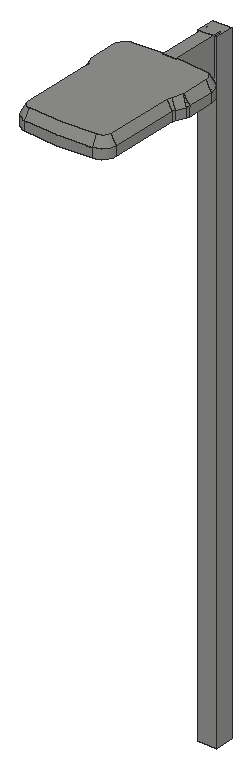
Revit family "VP-4-ADU", category Lighting Fixtures, host Face, Revit 2019
Family settings
  Host = Face
  Round Connector Dimension = Use Diameter
  Part Type = Normal
  OmniClass Number = 23.80.70.11.14.17
  OmniClass Title = Direct/Indirect
  Cut with Voids When Loaded = No
  Light Source = No
  Shared = Yes
  Room Calculation Point = No
Parameters (values of type "VP-4-ADU")
  Wattage Comments = "600 W"
  Warranty = "Five year warranty"  # constant formula
  Voltage = 120 V
  URL = "https://www.currentlighting.com/beacon"
  Type Comments = "Lighting Fixture"  # constant formula
  Product Page URL = "https://www.currentlighting.com/outdoor-lighting/viper-area-size-4/9606406"
  Product Documentation Link = "https://cdn.currentlighting.com/site/specsheet/BEA_VIPERSPEC.pdf"
  Power Factor = 0.9
  Pole Height [instance] = 120.00"
  Name = "Viper Area Size 4"  # constant formula
  Model = "VP-4-ADU"
  Matt Grey = MATT GREY
  Matt Black = Matt Black
  Manufacturer = "Current Lighting"  # constant formula
  Load Classification = Lighting
  Light Output = 87468.00 cd/m²
  Lamp = "LED"  # constant formula
  Grey = Grey
  Glass = Glass
  Pole Size [instance] = 3.50"
  Features = "Featuring two different optical technologies, Micro Strike and Strike Optics, which provide the best distribution patterns for retrofit or new construction\r\nVibration rated for high vibration applications including bridges and overpasses\r\nControl options including photo control, occupancy sensing, NX Lighting Controls, wiSCAPE and 7-Pin with networked controls\r\nMounting options include: Arm, Universal Arm, Adjustable Arm, Mast Arm, Decorative Arm, Knuckle, Trunnion, Wall\r\nDistribution options include: Auto Front Row, Type 2, Type 3, Type 4 Forward, Type 4 Wide, Type 5 Narrow, Type 5 Medium, Type 5 Wide, Type 5 Rectangular, Corner Optic, and Tennis Court\r\n\r\n"  # constant formula
  Copyright = "© 2022 Current Lighting"  # constant formula
  Cool Grey = Cool Grey
  Contact Us = "https://www.currentlighting.com/contact-us"
  Certification = "UL"  # constant formula
  Description = "The Viper is an extremely versatile area/site luminaire which blends design, performance, and technology for a variety of applications."  # constant formula
  Default Elevation = 48.00"
  Finish = Arctic White
  Matt White = Matt White
  CRI = "70"  # constant formula
  Brand = "Beacon"  # constant formula
  Assembly Code = "D5020200"
  Apparent Load = 600 VA
Reference planes (in)
  plane 1 "Center (Front/Back)": y = 6.16697
  plane 2: z = 0
  plane 3 "Center (Left/Right)": x = 0
  plane 4: z = 3.75
  plane 5: z = -4.44
  plane 6: x = -1.75
  plane 7: x = 1.75
  plane 8: y = 4.41697
  plane 9: y = 7.91697
  plane 10: z = 120
Forms (in)
  Extrusion 1, solid, material "Cool Grey" <- "Cool Grey"
    sketch origin (0, 0, 0) x (1, 0, 0) y (0, 1, 0)
      loop
        line (-1.75, 7.91697) -> (-1.75, 4.41697) -> (1.75, 4.41697) -> (1.75, 7.91697) -> (-1.75, 7.91697)
    from 0 to 120
Lines and regions (in)
  reference lines
    curve 1: line (0, 14.42606, -3.25) -> (0, 17.42606, -0.25)
    curve 2: line (0, -2.09213, -3.25) -> (0, 14.42606, -3.25)
    curve 3: line (0, -5.09213, -0.25) -> (0, -2.09213, -3.25)
    curve 4: line (0, 14.42606, -3.25) -> (0, 17.42606, -0.25)
    curve 5: line (0, -5.09213, -0.25) -> (0, 17.42606, -0.25)
    curve 6: line (0, 17.17606, -0.77432) -> (0, 17.92606, -0.77432)
    curve 7: line (0, 17.17606, -1.52432) -> (0, 17.17606, -0.77432)
    curve 8: line (0, 16.69614, -1.52432) -> (0, 17.17606, -1.52432)
    curve 9: line (0, 14.92606, -4.25) -> (0, 16.69614, -1.52432)
    curve 10: line (0, -4.3622, -1.52432) -> (0, -2.59213, -4.25)
    curve 11: line (0, -4.84213, -1.52432) -> (0, -4.3622, -1.52432)
    curve 12: line (0, -4.84213, -0.77432) -> (0, -4.84213, -1.52432)
    curve 13: line (0, -5.59213, -0.77432) -> (0, -4.84213, -0.77432)
Dimensions and locks (in)
  plane 4 to plane 2 = 3.75"
  "Pole Size": plane 8 to plane 9
  equal spacing: plane 8, plane 1 "Center (Front/Back)", plane 9
  equal spacing: plane 6, plane 3 "Center (Left/Right)", plane 7
  "Pole Size": plane 6 to plane 7
  "Pole Height": plane 10 to plane 2
  aligned and locked: plane 2 to host face
  aligned and locked: level to host face
  aligned and locked: plane 10 to Extrusion 1
  aligned and locked: plane 3 "Center (Left/Right)" to nested 1
  aligned and locked: plane 9 to Extrusion 1 sketch curve
  aligned and locked: plane 6 to Extrusion 1 sketch curve
  aligned and locked: Extrusion 1 sketch curve to plane 8
  aligned and locked: Extrusion 1 sketch curve to plane 7
  aligned and locked: nested 1 to plane 10
Automatic sketch dimensions
  host sketch curve to host sketch curve = 96.00"
  host sketch curve to host sketch curve = 85.00"
  curve 3 to level = 0.25"
  plane 8 to curve 3 = 9.50909"
  curve 3 to curve 12 = 0.25"
  curve 11 to curve 11 = 0.47992"
  curve 2 to plane 5 = 1.19"
  curve 10 to curve 2 = 2.27008"
  curve 1 to plane 9 = 6.50909"
  curve 9 to level = 1.52432"
  curve 1 to curve 9 = 2.27008"
  curve 8 to curve 8 = 0.47992"
  curve 6 to curve 4 = 0.25"
  curve 10 to curve 3 = 1.27432"
  curve 7 to curve 1 = 0.52432"
  curve 12 to curve 3 = 0.52432"
  curve 13 to curve 3 = 0.50"
  curve 10 to plane 5 = 0.19"
  curve 10 to curve 2 = 0.50"
  curve 9 to plane 5 = 0.19"
  curve 1 to curve 9 = 0.50"
  curve 1 to curve 6 = 0.50"
Nested families (in)
  nested 1: "SIZE4-ADU" at (0, 4.41697, 118.26) x (1, 0, 0) z (0, -1, 0), type "SIZE4-ADU"
Connectors (in)
  electrical at (0, 6.16697, 0), driven by "Power Factor", driven by "Apparent Load", driven by "Voltage"
    settings: on Extrusion 1, index 1, voltage 120 V, apparent load 600 VA, apparent load phase1 0 VA, apparent load phase2 0 VA, apparent load phase3 0 VA, power factor 0.9, load classification "Other", number of poles 1, system type 30, power factor state 1, is connector primary yes, connector utility no, sub classification motor no, connector description "Light Fixture"
Definition of nested family "SIZE4-ADU"
  Parameters (values of type "SIZE4-ADU")
    Width = 19.62"
    Wattage = 519.1 W
    built-in parameter 1150110 = 1 (stored number, unit not read)
    built-in parameter 1114217 = 1 (stored number, unit not read)
    Tilt Angle = 160.00°
    built-in parameter 1150109 = 1 (stored number, unit not read)
    built-in parameter 1150134 = 3
    built-in parameter 1150113 = 1 (stored number, unit not read)
    Photometric Web File = "VP-4-720L-515-5K7-4W-BC.ies"
    Mount Length = 7.50"
    built-in parameter 1150105 = 3180.8 (stored number, unit not read)
    Lumens = 39970.7 lm
    built-in parameter 1150115 = 1 (stored number, unit not read)
    built-in parameter 1150137 = (empty or 0)
    built-in parameter 1150139 = (empty or 0)
    Length = 27.98"
    built-in parameter 1150112 = 1 (stored number, unit not read)
    built-in parameter 1150114 = 1 (stored number, unit not read)
    built-in parameter 1150132 = (empty or 0)
    built-in parameter 1150102 = (empty or 0)
    built-in parameter 1150107 = 3200 (stored number, unit not read)
    built-in parameter 1150138 = (empty or 0)
    built-in parameter 1150106 = 31.808 (stored number, unit not read)
    Glass = none
    Fixture = none
    built-in parameter 1150104 = 7.1535 (stored number, unit not read)
    Dimming Lamp Color Temperature Shift = (empty or 0)
    Default Elevation = 48.00"
    Color Filter = 16777215
    built-in parameter 1114218 = 1 (stored number, unit not read)
    built-in parameter 1150133 = 10 (stored number, unit not read)
  Reference planes (in)
    plane 1 "Center (Front/Back)": y = 0
    plane 2: z = 0
    plane 3 "Center (Left/Right)": x = 0
    plane 4: x = 9.81
    plane 5: x = -9.81
    plane 6: z = 7.5
    plane 7: z = 35.48
    plane 8: y = -1.74
    plane 9: y = 1.74
  Forms (in)
    Extrusion 1, solid
      sketch origin (0, 0, 0) x (1, 0, 0) y (0, 1, 0)
        loop
          line (-48, 48) -> (-48, -48) -> (48, -48) -> (48, 48) -> (-48, 48)
      from 0 to -12
    Extrusion 2, void
      sketch origin (0, 0, 0) x (1, 0, 0) y (0, 0, 1)
        loop
          arc (-8.40608, 15.16005) -> (0.0771, 15.81374) -> (8.56, 15.15635) r 55.21553
          line (8.56, 15.15635) -> (8.56, 33.16182) -> (-8.40608, 33.16182) -> (-8.40608, 15.16005)
      from 1 to 1.75
    Extrusion 3, solid, material <- "Glass"
      sketch origin (0, 0, -0.5) x (1, 0, 0) y (0, 0, 1)
        loop
          arc (-7.30987, 33.16182) -> (-7.55736, 33.05931) -> (-7.65987, 32.81182) r 0.35
          line (-7.65987, 32.81182) -> (-7.65987, 28.01182)
          arc (-7.65987, 28.01182) -> (-7.55736, 27.76434) -> (-7.30987, 27.66182) r 0.35
          line (-7.30987, 27.66182) -> (7.30987, 27.66182)
          arc (7.30987, 27.66182) -> (7.55736, 27.76434) -> (7.65987, 28.01182) r 0.35
          line (7.65987, 28.01182) -> (7.65987, 32.81182)
          arc (7.65987, 32.81182) -> (7.55736, 33.05931) -> (7.30987, 33.16182) r 0.35
          line (7.30987, 33.16182) -> (-7.30987, 33.16182)
      from 1 to 1.35
    Extrusion 4, solid, material <- "Glass"
      sketch origin (0.375, 0, -0.375) x (1, 0, 0) y (0, 0, 1)
        loop
          circle (-7.47829, 32.33694) r 0.15
        loop
          circle (-6.95955, 32.33694) r 0.15
        loop
          circle (-6.4408, 32.33694) r 0.15
        loop
          circle (-5.92205, 32.33694) r 0.15
        loop
          circle (-5.4033, 32.33694) r 0.15
        loop
          circle (-4.88455, 32.33694) r 0.15
        loop
          circle (-4.3658, 32.33694) r 0.15
        loop
          circle (-3.84705, 32.33694) r 0.15
        loop
          circle (-3.32831, 32.33694) r 0.15
        loop
          circle (-7.47829, 31.83694) r 0.15
        loop
          circle (-6.95955, 31.83694) r 0.15
        loop
          circle (-6.4408, 31.83694) r 0.15
        loop
          circle (-5.92205, 31.83694) r 0.15
        loop
          circle (-5.4033, 31.83694) r 0.15
        loop
          circle (-4.88455, 31.83694) r 0.15
        loop
          circle (-4.3658, 31.83694) r 0.15
        loop
          circle (-3.84705, 31.83694) r 0.15
        loop
          circle (-3.32831, 31.83694) r 0.15
        loop
          circle (-7.47829, 31.33694) r 0.15
        loop
          circle (-6.95955, 31.33694) r 0.15
        loop
          circle (-6.4408, 31.33694) r 0.15
        loop
          circle (-5.92205, 31.33694) r 0.15
        loop
          circle (-5.4033, 31.33694) r 0.15
        loop
          circle (-4.88455, 31.33694) r 0.15
        loop
          circle (-4.3658, 31.33694) r 0.15
        loop
          circle (-3.84705, 31.33694) r 0.15
        loop
          circle (-3.32831, 31.33694) r 0.15
        loop
          circle (-7.47829, 30.83694) r 0.15
        loop
          circle (-6.95955, 30.83694) r 0.15
        loop
          circle (-6.4408, 30.83694) r 0.15
        loop
          circle (-5.92205, 30.83694) r 0.15
        loop
          circle (-5.4033, 30.83694) r 0.15
        loop
          circle (-4.88455, 30.83694) r 0.15
        loop
          circle (-4.3658, 30.83694) r 0.15
        loop
          circle (-3.84705, 30.83694) r 0.15
        loop
          circle (-3.32831, 30.83694) r 0.15
        loop
          circle (-7.47829, 30.33694) r 0.15
        loop
          circle (-6.95955, 30.33694) r 0.15
        loop
          circle (-6.4408, 30.33694) r 0.15
        loop
          circle (-5.92205, 30.33694) r 0.15
        loop
          circle (-5.4033, 30.33694) r 0.15
        loop
          circle (-4.88455, 30.33694) r 0.15
        loop
          circle (-4.3658, 30.33694) r 0.15
        loop
          circle (-3.84705, 30.33694) r 0.15
        loop
          circle (-3.32831, 30.33694) r 0.15
        loop
          circle (-7.47829, 29.83694) r 0.15
        loop
          circle (-6.95955, 29.83694) r 0.15
        loop
          circle (-6.4408, 29.83694) r 0.15
        loop
          circle (-5.92205, 29.83694) r 0.15
        loop
          circle (-5.4033, 29.83694) r 0.15
        loop
          circle (-4.88455, 29.83694) r 0.15
        loop
          circle (-4.3658, 29.83694) r 0.15
        loop
          circle (-3.84705, 29.83694) r 0.15
        loop
          circle (-3.32831, 29.83694) r 0.15
        loop
          circle (-7.47829, 29.33694) r 0.15
        loop
          circle (-6.95955, 29.33694) r 0.15
        loop
          circle (-6.4408, 29.33694) r 0.15
        loop
          circle (-5.92205, 29.33694) r 0.15
        loop
          circle (-5.4033, 29.33694) r 0.15
        loop
          circle (-4.88455, 29.33694) r 0.15
        loop
          circle (-4.3658, 29.33694) r 0.15
        loop
          circle (-3.84705, 29.33694) r 0.15
        loop
          circle (-3.32831, 29.33694) r 0.15
        loop
          circle (-7.47829, 28.83694) r 0.15
        loop
          circle (-6.95955, 28.83694) r 0.15
        loop
          circle (-6.4408, 28.83694) r 0.15
        loop
          circle (-5.92205, 28.83694) r 0.15
        loop
          circle (-5.4033, 28.83694) r 0.15
        loop
          circle (-4.88455, 28.83694) r 0.15
        loop
          circle (-4.3658, 28.83694) r 0.15
        loop
          circle (-3.84705, 28.83694) r 0.15
        loop
          circle (-3.32831, 28.83694) r 0.15
        loop
          circle (-7.47829, 28.33694) r 0.15
        loop
          circle (-6.95955, 28.33694) r 0.15
        loop
          circle (-6.4408, 28.33694) r 0.15
        loop
          circle (-5.92205, 28.33694) r 0.15
        loop
          circle (-5.4033, 28.33694) r 0.15
        loop
          circle (-4.88455, 28.33694) r 0.15
        loop
          circle (-4.3658, 28.33694) r 0.15
        loop
          circle (-3.84705, 28.33694) r 0.15
        loop
          circle (-3.32831, 28.33694) r 0.15
      from 1.35 to 1.4
    Extrusion 5, solid, material <- "Glass"
      sketch origin (0, 0, -0.375) x (1, 0, 0) y (0, 0, 1)
        loop
          arc (-7.16655, 32.8409) -> (-7.34333, 32.76768) -> (-7.41655, 32.5909) r 0.25
          line (-7.41655, 32.5909) -> (-7.41655, 28.0909)
          arc (-7.41655, 28.0909) -> (-7.34333, 27.91412) -> (-7.16655, 27.8409) r 0.25
          line (-7.16655, 27.8409) -> (-2.81123, 27.8409)
          arc (-2.81123, 27.8409) -> (-2.63446, 27.91412) -> (-2.56123, 28.0909) r 0.25
          line (-2.56123, 28.0909) -> (-2.56123, 32.5909)
          arc (-2.56123, 32.5909) -> (-2.63446, 32.76768) -> (-2.81123, 32.8409) r 0.25
          line (-2.81123, 32.8409) -> (-7.16655, 32.8409)
      from 1.35 to 1.37213
    Extrusion 6, solid, material <- "Fixture"
      sketch origin (0, 0, 12.875) x (1, 0, 0) y (0, 1, 0)
        loop
          line (7.68693, -1) -> (7.68693, -1.20146)
          arc (7.68693, -1.20146) -> (7.69367, -1.23973) -> (7.71311, -1.27339) r 0.1119
          line (7.71311, -1.27339) -> (8.07367, -1.70309)
          arc (8.07367, -1.70309) -> (8.10164, -1.72455) -> (8.13607, -1.73219) r 0.08147
          line (8.13607, -1.73219) -> (8.56, -1.73219) -> (8.56, -1) -> (7.68693, -1)
      from 18.55 to 18.65
    Extrusion 7, solid, material <- "Glass"
      sketch origin (-0.375, 0, -0.375) x (-1, 0, 0) y (0, 0, -1)
        loop
          circle (-7.47829, -32.33694) r 0.15
        loop
          circle (-6.95955, -32.33694) r 0.15
        loop
          circle (-6.4408, -32.33694) r 0.15
        loop
          circle (-5.92205, -32.33694) r 0.15
        loop
          circle (-5.4033, -32.33694) r 0.15
        loop
          circle (-4.88455, -32.33694) r 0.15
        loop
          circle (-4.3658, -32.33694) r 0.15
        loop
          circle (-3.84705, -32.33694) r 0.15
        loop
          circle (-3.32831, -32.33694) r 0.15
        loop
          circle (-7.47829, -31.83694) r 0.15
        loop
          circle (-6.95955, -31.83694) r 0.15
        loop
          circle (-6.4408, -31.83694) r 0.15
        loop
          circle (-5.92205, -31.83694) r 0.15
        loop
          circle (-5.4033, -31.83694) r 0.15
        loop
          circle (-4.88455, -31.83694) r 0.15
        loop
          circle (-4.3658, -31.83694) r 0.15
        loop
          circle (-3.84705, -31.83694) r 0.15
        loop
          circle (-3.32831, -31.83694) r 0.15
        loop
          circle (-7.47829, -31.33694) r 0.15
        loop
          circle (-6.95955, -31.33694) r 0.15
        loop
          circle (-6.4408, -31.33694) r 0.15
        loop
          circle (-5.92205, -31.33694) r 0.15
        loop
          circle (-5.4033, -31.33694) r 0.15
        loop
          circle (-4.88455, -31.33694) r 0.15
        loop
          circle (-4.3658, -31.33694) r 0.15
        loop
          circle (-3.84705, -31.33694) r 0.15
        loop
          circle (-3.32831, -31.33694) r 0.15
        loop
          circle (-7.47829, -30.83694) r 0.15
        loop
          circle (-6.95955, -30.83694) r 0.15
        loop
          circle (-6.4408, -30.83694) r 0.15
        loop
          circle (-5.92205, -30.83694) r 0.15
        loop
          circle (-5.4033, -30.83694) r 0.15
        loop
          circle (-4.88455, -30.83694) r 0.15
        loop
          circle (-4.3658, -30.83694) r 0.15
        loop
          circle (-3.84705, -30.83694) r 0.15
        loop
          circle (-3.32831, -30.83694) r 0.15
        loop
          circle (-7.47829, -30.33694) r 0.15
        loop
          circle (-6.95955, -30.33694) r 0.15
        loop
          circle (-6.4408, -30.33694) r 0.15
        loop
          circle (-5.92205, -30.33694) r 0.15
        loop
          circle (-5.4033, -30.33694) r 0.15
        loop
          circle (-4.88455, -30.33694) r 0.15
        loop
          circle (-4.3658, -30.33694) r 0.15
        loop
          circle (-3.84705, -30.33694) r 0.15
        loop
          circle (-3.32831, -30.33694) r 0.15
        loop
          circle (-7.47829, -29.83694) r 0.15
        loop
          circle (-6.95955, -29.83694) r 0.15
        loop
          circle (-6.4408, -29.83694) r 0.15
        loop
          circle (-5.92205, -29.83694) r 0.15
        loop
          circle (-5.4033, -29.83694) r 0.15
        loop
          circle (-4.88455, -29.83694) r 0.15
        loop
          circle (-4.3658, -29.83694) r 0.15
        loop
          circle (-3.84705, -29.83694) r 0.15
        loop
          circle (-3.32831, -29.83694) r 0.15
        loop
          circle (-7.47829, -29.33694) r 0.15
        loop
          circle (-6.95955, -29.33694) r 0.15
        loop
          circle (-6.4408, -29.33694) r 0.15
        loop
          circle (-5.92205, -29.33694) r 0.15
        loop
          circle (-5.4033, -29.33694) r 0.15
        loop
          circle (-4.88455, -29.33694) r 0.15
        loop
          circle (-4.3658, -29.33694) r 0.15
        loop
          circle (-3.84705, -29.33694) r 0.15
        loop
          circle (-3.32831, -29.33694) r 0.15
        loop
          circle (-7.47829, -28.83694) r 0.15
        loop
          circle (-6.95955, -28.83694) r 0.15
        loop
          circle (-6.4408, -28.83694) r 0.15
        loop
          circle (-5.92205, -28.83694) r 0.15
        loop
          circle (-5.4033, -28.83694) r 0.15
        loop
          circle (-4.88455, -28.83694) r 0.15
        loop
          circle (-4.3658, -28.83694) r 0.15
        loop
          circle (-3.84705, -28.83694) r 0.15
        loop
          circle (-3.32831, -28.83694) r 0.15
        loop
          circle (-7.47829, -28.33694) r 0.15
        loop
          circle (-6.95955, -28.33694) r 0.15
        loop
          circle (-6.4408, -28.33694) r 0.15
        loop
          circle (-5.92205, -28.33694) r 0.15
        loop
          circle (-5.4033, -28.33694) r 0.15
        loop
          circle (-4.88455, -28.33694) r 0.15
        loop
          circle (-4.3658, -28.33694) r 0.15
        loop
          circle (-3.84705, -28.33694) r 0.15
        loop
          circle (-3.32831, -28.33694) r 0.15
      from 1.35 to 1.4
    Extrusion 8, solid, material <- "Glass"
      sketch origin (0, 0, -0.375) x (-1, 0, 0) y (0, 0, -1)
        loop
          line (-7.16655, -32.8409) -> (-2.84181, -32.8409)
          arc (-2.84181, -32.8409) -> (-2.66504, -32.76768) -> (-2.59181, -32.5909) r 0.25
          line (-2.59181, -32.5909) -> (-2.59181, -28.0909)
          arc (-2.59181, -28.0909) -> (-2.66504, -27.91412) -> (-2.84181, -27.8409) r 0.25
          line (-2.84181, -27.8409) -> (-7.16655, -27.8409)
          arc (-7.16655, -27.8409) -> (-7.34333, -27.91412) -> (-7.41655, -28.0909) r 0.25
          line (-7.41655, -28.0909) -> (-7.41655, -32.5909)
          arc (-7.41655, -32.5909) -> (-7.34333, -32.76768) -> (-7.16655, -32.8409) r 0.25
      from 1.35 to 1.37213
    Extrusion 9, solid, material <- "Glass"
      sketch origin (0, 0, -5.75) x (1, 0, 0) y (0, 0, 1)
        loop
          arc (-7.30987, 32.91182) -> (-7.55736, 32.80931) -> (-7.65987, 32.56182) r 0.35
          line (-7.65987, 32.56182) -> (-7.65987, 27.76182)
          arc (-7.65987, 27.76182) -> (-7.55736, 27.51434) -> (-7.30987, 27.41182) r 0.35
          line (-7.30987, 27.41182) -> (7.30987, 27.41182)
          arc (7.30987, 27.41182) -> (7.55736, 27.51434) -> (7.65987, 27.76182) r 0.35
          line (7.65987, 27.76182) -> (7.65987, 32.56182)
          arc (7.65987, 32.56182) -> (7.55736, 32.80931) -> (7.30987, 32.91182) r 0.35
          line (7.30987, 32.91182) -> (-7.30987, 32.91182)
      from 1 to 1.35
    Extrusion 10, solid, material <- "Glass"
      sketch origin (0, 0, 47.30365) x (1, 0, 0) y (0, 0, 1)
        loop
          line (-7.30987, -31.14182) -> (7.30987, -31.14182)
          arc (7.30987, -31.14182) -> (7.55736, -31.03931) -> (7.65987, -30.79182) r 0.35
          line (7.65987, -30.79182) -> (7.65987, -25.99182)
          arc (7.65987, -25.99182) -> (7.55736, -25.74434) -> (7.30987, -25.64182) r 0.35
          line (7.30987, -25.64182) -> (-7.30987, -25.64182)
          arc (-7.30987, -25.64182) -> (-7.55736, -25.74434) -> (-7.65987, -25.99182) r 0.35
          line (-7.65987, -25.99182) -> (-7.65987, -30.79182)
          arc (-7.65987, -30.79182) -> (-7.55736, -31.03931) -> (-7.30987, -31.14182) r 0.35
      from 1 to 1.35
    Extrusion 11, solid, material <- "Fixture"
      sketch origin (0, 0, 11.87318) x (1, 0, 0) y (0, 1, 0)
        loop
          line (7.68693, -1) -> (7.68693, -1.20146)
          arc (7.68693, -1.20146) -> (7.69367, -1.23973) -> (7.71311, -1.27339) r 0.1119
          line (7.71311, -1.27339) -> (8.07367, -1.70309)
          arc (8.07367, -1.70309) -> (8.10164, -1.72455) -> (8.13607, -1.73219) r 0.08147
          line (8.13607, -1.73219) -> (8.56, -1.73219) -> (8.56, -1) -> (7.68693, -1)
      from 18.55 to 18.65
    Extrusion 12, solid, material <- "Fixture"
      sketch origin (0, 0, 10.87135) x (1, 0, 0) y (0, 1, 0)
        loop
          line (7.68693, -1) -> (7.68693, -1.20146)
          arc (7.68693, -1.20146) -> (7.69367, -1.23973) -> (7.71311, -1.27339) r 0.1119
          line (7.71311, -1.27339) -> (8.07367, -1.70309)
          arc (8.07367, -1.70309) -> (8.10164, -1.72455) -> (8.13607, -1.73219) r 0.08147
          line (8.13607, -1.73219) -> (8.56, -1.73219) -> (8.56, -1) -> (7.68693, -1)
      from 18.55 to 18.65
    Extrusion 13, solid, material <- "Fixture"
      sketch origin (0, 0, 9.86953) x (1, 0, 0) y (0, 1, 0)
        loop
          line (7.68693, -1) -> (7.68693, -1.20146)
          arc (7.68693, -1.20146) -> (7.69367, -1.23973) -> (7.71311, -1.27339) r 0.1119
          line (7.71311, -1.27339) -> (8.07367, -1.70309)
          arc (8.07367, -1.70309) -> (8.10164, -1.72455) -> (8.13607, -1.73219) r 0.08147
          line (8.13607, -1.73219) -> (8.56, -1.73219) -> (8.56, -1) -> (7.68693, -1)
      from 18.55 to 18.65
    Extrusion 14, solid, material <- "Fixture"
      sketch origin (0, 0, 8.86953) x (1, 0, 0) y (0, 1, 0)
        loop
          line (7.68693, -1) -> (7.68693, -1.20146)
          arc (7.68693, -1.20146) -> (7.69367, -1.23973) -> (7.71311, -1.27339) r 0.1119
          line (7.71311, -1.27339) -> (8.07367, -1.70309)
          arc (8.07367, -1.70309) -> (8.10164, -1.72455) -> (8.13607, -1.73219) r 0.08147
          line (8.13607, -1.73219) -> (8.56, -1.73219) -> (8.56, -1) -> (7.68693, -1)
      from 18.55 to 18.65
    Extrusion 15, solid, material <- "Fixture"
      sketch origin (0, 0, 7.8125) x (1, 0, 0) y (0, 1, 0)
        loop
          line (7.68693, -1) -> (7.68693, -1.20146)
          arc (7.68693, -1.20146) -> (7.69367, -1.23973) -> (7.71311, -1.27339) r 0.1119
          line (7.71311, -1.27339) -> (8.07367, -1.70309)
          arc (8.07367, -1.70309) -> (8.10164, -1.72455) -> (8.13607, -1.73219) r 0.08147
          line (8.13607, -1.73219) -> (8.56, -1.73219) -> (8.56, -1) -> (7.68693, -1)
      from 18.55 to 18.65
    Extrusion 16, solid, material <- "Fixture"
      sketch origin (0, 0, 6.81068) x (1, 0, 0) y (0, 1, 0)
        loop
          line (7.68693, -1) -> (7.68693, -1.20146)
          arc (7.68693, -1.20146) -> (7.69367, -1.23973) -> (7.71311, -1.27339) r 0.1119
          line (7.71311, -1.27339) -> (8.07367, -1.70309)
          arc (8.07367, -1.70309) -> (8.10164, -1.72455) -> (8.13607, -1.73219) r 0.08147
          line (8.13607, -1.73219) -> (8.56, -1.73219) -> (8.56, -1) -> (7.68693, -1)
      from 18.55 to 18.65
    Extrusion 17, solid, material <- "Fixture"
      sketch origin (0, 0, 5.80885) x (1, 0, 0) y (0, 1, 0)
        loop
          line (7.68693, -1) -> (7.68693, -1.20146)
          arc (7.68693, -1.20146) -> (7.69367, -1.23973) -> (7.71311, -1.27339) r 0.1119
          line (7.71311, -1.27339) -> (8.07367, -1.70309)
          arc (8.07367, -1.70309) -> (8.10164, -1.72455) -> (8.13607, -1.73219) r 0.08147
          line (8.13607, -1.73219) -> (8.56, -1.73219) -> (8.56, -1) -> (7.68693, -1)
      from 18.55 to 18.65
    Extrusion 18, solid, material <- "Fixture"
      sketch origin (0, 0, 4.80703) x (1, 0, 0) y (0, 1, 0)
        loop
          line (7.68693, -1) -> (7.68693, -1.20146)
          arc (7.68693, -1.20146) -> (7.69367, -1.23973) -> (7.71311, -1.27339) r 0.1119
          line (7.71311, -1.27339) -> (8.07367, -1.70309)
          arc (8.07367, -1.70309) -> (8.10164, -1.72455) -> (8.13607, -1.73219) r 0.08147
          line (8.13607, -1.73219) -> (8.56, -1.73219) -> (8.56, -1) -> (7.68693, -1)
      from 18.55 to 18.65
    Extrusion 19, solid, material <- "Fixture"
      sketch origin (0, 0, 3.80703) x (1, 0, 0) y (0, 1, 0)
        loop
          line (7.68693, -1) -> (7.68693, -1.20146)
          arc (7.68693, -1.20146) -> (7.69367, -1.23973) -> (7.71311, -1.27339) r 0.1119
          line (7.71311, -1.27339) -> (8.07367, -1.70309)
          arc (8.07367, -1.70309) -> (8.10164, -1.72455) -> (8.13607, -1.73219) r 0.08147
          line (8.13607, -1.73219) -> (8.56, -1.73219) -> (8.56, -1) -> (7.68693, -1)
      from 18.55 to 18.65
    Extrusion 20, solid, material <- "Fixture"
      sketch origin (0, 0, 2.125) x (1, 0, 0) y (0, 1, 0)
        loop
          line (7.68693, -1) -> (7.68693, -1.20146)
          arc (7.68693, -1.20146) -> (7.69367, -1.23973) -> (7.71311, -1.27339) r 0.1119
          line (7.71311, -1.27339) -> (8.07367, -1.70309)
          arc (8.07367, -1.70309) -> (8.10164, -1.72455) -> (8.13607, -1.73219) r 0.08147
          line (8.13607, -1.73219) -> (8.56, -1.73219) -> (8.56, -1) -> (7.68693, -1)
      from 18.55 to 18.65
    Extrusion 21, solid, material <- "Fixture"
      sketch origin (0, 0, 1.12318) x (1, 0, 0) y (0, 1, 0)
        loop
          line (7.68693, -1) -> (7.68693, -1.20146)
          arc (7.68693, -1.20146) -> (7.69367, -1.23973) -> (7.71311, -1.27339) r 0.1119
          line (7.71311, -1.27339) -> (8.07367, -1.70309)
          arc (8.07367, -1.70309) -> (8.10164, -1.72455) -> (8.13607, -1.73219) r 0.08147
          line (8.13607, -1.73219) -> (8.56, -1.73219) -> (8.56, -1) -> (7.68693, -1)
      from 18.55 to 18.65
    Extrusion 22, solid, material <- "Fixture"
      sketch origin (0, 0, 0.12135) x (1, 0, 0) y (0, 1, 0)
        loop
          line (7.68693, -1) -> (7.68693, -1.20146)
          arc (7.68693, -1.20146) -> (7.69367, -1.23973) -> (7.71311, -1.27339) r 0.1119
          line (7.71311, -1.27339) -> (8.07367, -1.70309)
          arc (8.07367, -1.70309) -> (8.10164, -1.72455) -> (8.13607, -1.73219) r 0.08147
          line (8.13607, -1.73219) -> (8.56, -1.73219) -> (8.56, -1) -> (7.68693, -1)
      from 18.55 to 18.65
    Extrusion 23, solid, material <- "Fixture"
      sketch origin (0, 0, -0.88047) x (1, 0, 0) y (0, 1, 0)
        loop
          line (7.68693, -1) -> (7.68693, -1.20146)
          arc (7.68693, -1.20146) -> (7.69367, -1.23973) -> (7.71311, -1.27339) r 0.1119
          line (7.71311, -1.27339) -> (8.07367, -1.70309)
          arc (8.07367, -1.70309) -> (8.10164, -1.72455) -> (8.13607, -1.73219) r 0.08147
          line (8.13607, -1.73219) -> (8.56, -1.73219) -> (8.56, -1) -> (7.68693, -1)
      from 18.55 to 18.65
    Extrusion 24, solid, material <- "Fixture"
      sketch origin (0, 0, -1.88047) x (1, 0, 0) y (0, 1, 0)
        loop
          line (7.68693, -1) -> (7.68693, -1.20146)
          arc (7.68693, -1.20146) -> (7.69367, -1.23973) -> (7.71311, -1.27339) r 0.1119
          line (7.71311, -1.27339) -> (8.07367, -1.70309)
          arc (8.07367, -1.70309) -> (8.10164, -1.72455) -> (8.13607, -1.73219) r 0.08147
          line (8.13607, -1.73219) -> (8.56, -1.73219) -> (8.56, -1) -> (7.68693, -1)
      from 18.55 to 18.65
    Extrusion 25, solid, material <- "Fixture"
      sketch origin (0.07812, 0, 13.125) x (-1, 0, 0) y (0, -1, 0)
        loop
          line (7.68693, 1) -> (8.56, 1) -> (8.56, 1.73219) -> (8.13607, 1.73219)
          arc (8.13607, 1.73219) -> (8.10164, 1.72455) -> (8.07367, 1.70309) r 0.08147
          line (8.07367, 1.70309) -> (7.71311, 1.27339)
          arc (7.71311, 1.27339) -> (7.69367, 1.23973) -> (7.68693, 1.20146) r 0.1119
          line (7.68693, 1.20146) -> (7.68693, 1)
      from 18.55 to 18.65
    Extrusion 26, solid, material <- "Fixture"
      sketch origin (0.07812, 0, 12.12318) x (-1, 0, 0) y (0, -1, 0)
        loop
          line (7.68693, 1) -> (8.56, 1) -> (8.56, 1.73219) -> (8.13607, 1.73219)
          arc (8.13607, 1.73219) -> (8.10164, 1.72455) -> (8.07367, 1.70309) r 0.08147
          line (8.07367, 1.70309) -> (7.71311, 1.27339)
          arc (7.71311, 1.27339) -> (7.69367, 1.23973) -> (7.68693, 1.20146) r 0.1119
          line (7.68693, 1.20146) -> (7.68693, 1)
      from 18.55 to 18.65
    Extrusion 27, solid, material <- "Fixture"
      sketch origin (0.07812, 0, 11.12135) x (-1, 0, 0) y (0, -1, 0)
        loop
          line (7.68693, 1) -> (8.56, 1) -> (8.56, 1.73219) -> (8.13607, 1.73219)
          arc (8.13607, 1.73219) -> (8.10164, 1.72455) -> (8.07367, 1.70309) r 0.08147
          line (8.07367, 1.70309) -> (7.71311, 1.27339)
          arc (7.71311, 1.27339) -> (7.69367, 1.23973) -> (7.68693, 1.20146) r 0.1119
          line (7.68693, 1.20146) -> (7.68693, 1)
      from 18.55 to 18.65
    Extrusion 28, solid, material <- "Fixture"
      sketch origin (0.07812, 0, 10.11953) x (-1, 0, 0) y (0, -1, 0)
        loop
          line (7.68693, 1) -> (8.56, 1) -> (8.56, 1.73219) -> (8.13607, 1.73219)
          arc (8.13607, 1.73219) -> (8.10164, 1.72455) -> (8.07367, 1.70309) r 0.08147
          line (8.07367, 1.70309) -> (7.71311, 1.27339)
          arc (7.71311, 1.27339) -> (7.69367, 1.23973) -> (7.68693, 1.20146) r 0.1119
          line (7.68693, 1.20146) -> (7.68693, 1)
      from 18.55 to 18.65
    Extrusion 29, solid, material <- "Fixture"
      sketch origin (0.07812, 0, 9.11953) x (-1, 0, 0) y (0, -1, 0)
        loop
          line (7.68693, 1) -> (8.56, 1) -> (8.56, 1.73219) -> (8.13607, 1.73219)
          arc (8.13607, 1.73219) -> (8.10164, 1.72455) -> (8.07367, 1.70309) r 0.08147
          line (8.07367, 1.70309) -> (7.71311, 1.27339)
          arc (7.71311, 1.27339) -> (7.69367, 1.23973) -> (7.68693, 1.20146) r 0.1119
          line (7.68693, 1.20146) -> (7.68693, 1)
      from 18.55 to 18.65
    Extrusion 30, solid, material <- "Fixture"
      sketch origin (0.07812, 0, 8.0625) x (-1, 0, 0) y (0, -1, 0)
        loop
          line (7.68693, 1) -> (8.56, 1) -> (8.56, 1.73219) -> (8.13607, 1.73219)
          arc (8.13607, 1.73219) -> (8.10164, 1.72455) -> (8.07367, 1.70309) r 0.08147
          line (8.07367, 1.70309) -> (7.71311, 1.27339)
          arc (7.71311, 1.27339) -> (7.69367, 1.23973) -> (7.68693, 1.20146) r 0.1119
          line (7.68693, 1.20146) -> (7.68693, 1)
      from 18.55 to 18.65
    Extrusion 31, solid, material <- "Fixture"
      sketch origin (0.07812, 0, 7.06068) x (-1, 0, 0) y (0, -1, 0)
        loop
          line (7.68693, 1) -> (8.56, 1) -> (8.56, 1.73219) -> (8.13607, 1.73219)
          arc (8.13607, 1.73219) -> (8.10164, 1.72455) -> (8.07367, 1.70309) r 0.08147
          line (8.07367, 1.70309) -> (7.71311, 1.27339)
          arc (7.71311, 1.27339) -> (7.69367, 1.23973) -> (7.68693, 1.20146) r 0.1119
          line (7.68693, 1.20146) -> (7.68693, 1)
      from 18.55 to 18.65
    Extrusion 32, solid, material <- "Fixture"
      sketch origin (0.07812, 0, 6.05885) x (-1, 0, 0) y (0, -1, 0)
        loop
          line (7.68693, 1) -> (8.56, 1) -> (8.56, 1.73219) -> (8.13607, 1.73219)
          arc (8.13607, 1.73219) -> (8.10164, 1.72455) -> (8.07367, 1.70309) r 0.08147
          line (8.07367, 1.70309) -> (7.71311, 1.27339)
          arc (7.71311, 1.27339) -> (7.69367, 1.23973) -> (7.68693, 1.20146) r 0.1119
          line (7.68693, 1.20146) -> (7.68693, 1)
      from 18.55 to 18.65
    Extrusion 33, solid, material <- "Fixture"
      sketch origin (0.07812, 0, 5.05703) x (-1, 0, 0) y (0, -1, 0)
        loop
          line (7.68693, 1) -> (8.56, 1) -> (8.56, 1.73219) -> (8.13607, 1.73219)
          arc (8.13607, 1.73219) -> (8.10164, 1.72455) -> (8.07367, 1.70309) r 0.08147
          line (8.07367, 1.70309) -> (7.71311, 1.27339)
          arc (7.71311, 1.27339) -> (7.69367, 1.23973) -> (7.68693, 1.20146) r 0.1119
          line (7.68693, 1.20146) -> (7.68693, 1)
      from 18.55 to 18.65
    Extrusion 34, solid, material <- "Fixture"
      sketch origin (0.07812, 0, 4.05703) x (-1, 0, 0) y (0, -1, 0)
        loop
          line (7.68693, 1) -> (8.56, 1) -> (8.56, 1.73219) -> (8.13607, 1.73219)
          arc (8.13607, 1.73219) -> (8.10164, 1.72455) -> (8.07367, 1.70309) r 0.08147
          line (8.07367, 1.70309) -> (7.71311, 1.27339)
          arc (7.71311, 1.27339) -> (7.69367, 1.23973) -> (7.68693, 1.20146) r 0.1119
          line (7.68693, 1.20146) -> (7.68693, 1)
      from 18.55 to 18.65
    Extrusion 35, solid, material <- "Fixture"
      sketch origin (0.07812, 0, 2.375) x (-1, 0, 0) y (0, -1, 0)
        loop
          line (7.68693, 1) -> (8.56, 1) -> (8.56, 1.73219) -> (8.13607, 1.73219)
          arc (8.13607, 1.73219) -> (8.10164, 1.72455) -> (8.07367, 1.70309) r 0.08147
          line (8.07367, 1.70309) -> (7.71311, 1.27339)
          arc (7.71311, 1.27339) -> (7.69367, 1.23973) -> (7.68693, 1.20146) r 0.1119
          line (7.68693, 1.20146) -> (7.68693, 1)
      from 18.55 to 18.65
    Extrusion 36, solid, material <- "Fixture"
      sketch origin (0.07812, 0, 1.37318) x (-1, 0, 0) y (0, -1, 0)
        loop
          line (7.68693, 1) -> (8.56, 1) -> (8.56, 1.73219) -> (8.13607, 1.73219)
          arc (8.13607, 1.73219) -> (8.10164, 1.72455) -> (8.07367, 1.70309) r 0.08147
          line (8.07367, 1.70309) -> (7.71311, 1.27339)
          arc (7.71311, 1.27339) -> (7.69367, 1.23973) -> (7.68693, 1.20146) r 0.1119
          line (7.68693, 1.20146) -> (7.68693, 1)
      from 18.55 to 18.65
    Extrusion 37, solid, material <- "Fixture"
      sketch origin (0.07812, 0, 0.37135) x (-1, 0, 0) y (0, -1, 0)
        loop
          line (7.68693, 1) -> (8.56, 1) -> (8.56, 1.73219) -> (8.13607, 1.73219)
          arc (8.13607, 1.73219) -> (8.10164, 1.72455) -> (8.07367, 1.70309) r 0.08147
          line (8.07367, 1.70309) -> (7.71311, 1.27339)
          arc (7.71311, 1.27339) -> (7.69367, 1.23973) -> (7.68693, 1.20146) r 0.1119
          line (7.68693, 1.20146) -> (7.68693, 1)
      from 18.55 to 18.65
    Extrusion 38, solid, material <- "Fixture"
      sketch origin (0.07812, 0, -0.63047) x (-1, 0, 0) y (0, -1, 0)
        loop
          line (7.68693, 1) -> (8.56, 1) -> (8.56, 1.73219) -> (8.13607, 1.73219)
          arc (8.13607, 1.73219) -> (8.10164, 1.72455) -> (8.07367, 1.70309) r 0.08147
          line (8.07367, 1.70309) -> (7.71311, 1.27339)
          arc (7.71311, 1.27339) -> (7.69367, 1.23973) -> (7.68693, 1.20146) r 0.1119
          line (7.68693, 1.20146) -> (7.68693, 1)
      from 18.55 to 18.65
    Extrusion 39, solid, material <- "Fixture"
      sketch origin (0.07812, 0, -1.63047) x (-1, 0, 0) y (0, -1, 0)
        loop
          line (7.68693, 1) -> (8.56, 1) -> (8.56, 1.73219) -> (8.13607, 1.73219)
          arc (8.13607, 1.73219) -> (8.10164, 1.72455) -> (8.07367, 1.70309) r 0.08147
          line (8.07367, 1.70309) -> (7.71311, 1.27339)
          arc (7.71311, 1.27339) -> (7.69367, 1.23973) -> (7.68693, 1.20146) r 0.1119
          line (7.68693, 1.20146) -> (7.68693, 1)
      from 18.55 to 18.65
    Extrusion 40, void
      sketch origin (0, 0, 3.625) x (1, 0, 0) y (0, 0, 1)
        loop
          line (-8.70207, 10.26622) -> (-8.70207, 9.26622)
          arc (-8.70207, 9.26622) -> (-0.07103, 7.54738) -> (8.57, 9.21524) r 22.86863
          line (8.57, 9.21524) -> (8.57, 10.21524)
          arc (8.57, 10.21524) -> (-0.07103, 8.54738) -> (-8.70207, 10.26622) r 22.86863
        loop
          line (-8.61035, 8.24972) -> (-8.61035, 7.97854)
          arc (-8.61035, 7.97854) -> (-0.06712, 6.29523) -> (8.48535, 7.93095) r 22.84399
          line (8.48535, 7.93095) -> (8.48535, 8.20243)
          arc (8.48535, 8.20243) -> (-0.06706, 6.57598) -> (-8.61035, 8.24972) r 22.96502
        loop
          line (-8.61035, 7.49972) -> (-8.61035, 7.22854)
          arc (-8.61035, 7.22854) -> (-0.06712, 5.54523) -> (8.48535, 7.18095) r 22.84399
          line (8.48535, 7.18095) -> (8.48535, 7.45243)
          arc (8.48535, 7.45243) -> (-0.06706, 5.82598) -> (-8.61035, 7.49972) r 22.96502
      from 1 to 1.75
    Extrusion 41, solid, material <- "Glass"
      sketch origin (-5.375, 0, -0.375) x (-1, 0, 0) y (0, 0, -1)
        loop
          circle (-7.47829, -32.33694) r 0.15
        loop
          circle (-6.95955, -32.33694) r 0.15
        loop
          circle (-6.4408, -32.33694) r 0.15
        loop
          circle (-5.92205, -32.33694) r 0.15
        loop
          circle (-5.4033, -32.33694) r 0.15
        loop
          circle (-4.88455, -32.33694) r 0.15
        loop
          circle (-4.3658, -32.33694) r 0.15
        loop
          circle (-3.84705, -32.33694) r 0.15
        loop
          circle (-3.32831, -32.33694) r 0.15
        loop
          circle (-7.47829, -31.83694) r 0.15
        loop
          circle (-6.95955, -31.83694) r 0.15
        loop
          circle (-6.4408, -31.83694) r 0.15
        loop
          circle (-5.92205, -31.83694) r 0.15
        loop
          circle (-5.4033, -31.83694) r 0.15
        loop
          circle (-4.88455, -31.83694) r 0.15
        loop
          circle (-4.3658, -31.83694) r 0.15
        loop
          circle (-3.84705, -31.83694) r 0.15
        loop
          circle (-3.32831, -31.83694) r 0.15
        loop
          circle (-7.47829, -31.33694) r 0.15
        loop
          circle (-6.95955, -31.33694) r 0.15
        loop
          circle (-6.4408, -31.33694) r 0.15
        loop
          circle (-5.92205, -31.33694) r 0.15
        loop
          circle (-5.4033, -31.33694) r 0.15
        loop
          circle (-4.88455, -31.33694) r 0.15
        loop
          circle (-4.3658, -31.33694) r 0.15
        loop
          circle (-3.84705, -31.33694) r 0.15
        loop
          circle (-3.32831, -31.33694) r 0.15
        loop
          circle (-7.47829, -30.83694) r 0.15
        loop
          circle (-6.95955, -30.83694) r 0.15
        loop
          circle (-6.4408, -30.83694) r 0.15
        loop
          circle (-5.92205, -30.83694) r 0.15
        loop
          circle (-5.4033, -30.83694) r 0.15
        loop
          circle (-4.88455, -30.83694) r 0.15
        loop
          circle (-4.3658, -30.83694) r 0.15
        loop
          circle (-3.84705, -30.83694) r 0.15
        loop
          circle (-3.32831, -30.83694) r 0.15
        loop
          circle (-7.47829, -30.33694) r 0.15
        loop
          circle (-6.95955, -30.33694) r 0.15
        loop
          circle (-6.4408, -30.33694) r 0.15
        loop
          circle (-5.92205, -30.33694) r 0.15
        loop
          circle (-5.4033, -30.33694) r 0.15
        loop
          circle (-4.88455, -30.33694) r 0.15
        loop
          circle (-4.3658, -30.33694) r 0.15
        loop
          circle (-3.84705, -30.33694) r 0.15
        loop
          circle (-3.32831, -30.33694) r 0.15
        loop
          circle (-7.47829, -29.83694) r 0.15
        loop
          circle (-6.95955, -29.83694) r 0.15
        loop
          circle (-6.4408, -29.83694) r 0.15
        loop
          circle (-5.92205, -29.83694) r 0.15
        loop
          circle (-5.4033, -29.83694) r 0.15
        loop
          circle (-4.88455, -29.83694) r 0.15
        loop
          circle (-4.3658, -29.83694) r 0.15
        loop
          circle (-3.84705, -29.83694) r 0.15
        loop
          circle (-3.32831, -29.83694) r 0.15
        loop
          circle (-7.47829, -29.33694) r 0.15
        loop
          circle (-6.95955, -29.33694) r 0.15
        loop
          circle (-6.4408, -29.33694) r 0.15
        loop
          circle (-5.92205, -29.33694) r 0.15
        loop
          circle (-5.4033, -29.33694) r 0.15
        loop
          circle (-4.88455, -29.33694) r 0.15
        loop
          circle (-4.3658, -29.33694) r 0.15
        loop
          circle (-3.84705, -29.33694) r 0.15
        loop
          circle (-3.32831, -29.33694) r 0.15
        loop
          circle (-7.47829, -28.83694) r 0.15
        loop
          circle (-6.95955, -28.83694) r 0.15
        loop
          circle (-6.4408, -28.83694) r 0.15
        loop
          circle (-5.92205, -28.83694) r 0.15
        loop
          circle (-5.4033, -28.83694) r 0.15
        loop
          circle (-4.88455, -28.83694) r 0.15
        loop
          circle (-4.3658, -28.83694) r 0.15
        loop
          circle (-3.84705, -28.83694) r 0.15
        loop
          circle (-3.32831, -28.83694) r 0.15
        loop
          circle (-7.47829, -28.33694) r 0.15
        loop
          circle (-6.95955, -28.33694) r 0.15
        loop
          circle (-6.4408, -28.33694) r 0.15
        loop
          circle (-5.92205, -28.33694) r 0.15
        loop
          circle (-5.4033, -28.33694) r 0.15
        loop
          circle (-4.88455, -28.33694) r 0.15
        loop
          circle (-4.3658, -28.33694) r 0.15
        loop
          circle (-3.84705, -28.33694) r 0.15
        loop
          circle (-3.32831, -28.33694) r 0.15
      from 1.35 to 1.4
    Extrusion 42, solid, material <- "Glass"
      sketch origin (-5, 0, -0.375) x (-1, 0, 0) y (0, 0, -1)
        loop
          line (-7.16655, -32.8409) -> (-2.84181, -32.8409)
          arc (-2.84181, -32.8409) -> (-2.66504, -32.76768) -> (-2.59181, -32.5909) r 0.25
          line (-2.59181, -32.5909) -> (-2.59181, -28.0909)
          arc (-2.59181, -28.0909) -> (-2.66504, -27.91412) -> (-2.84181, -27.8409) r 0.25
          line (-2.84181, -27.8409) -> (-7.16655, -27.8409)
          arc (-7.16655, -27.8409) -> (-7.34333, -27.91412) -> (-7.41655, -28.0909) r 0.25
          line (-7.41655, -28.0909) -> (-7.41655, -32.5909)
          arc (-7.41655, -32.5909) -> (-7.34333, -32.76768) -> (-7.16655, -32.8409) r 0.25
      from 1.35 to 1.37213
    Extrusion 43, solid, material <- "Glass"
      sketch origin (0.375, 0, -5.875) x (1, 0, 0) y (0, 0, 1)
        loop
          circle (-7.47829, 32.33694) r 0.15
        loop
          circle (-6.95955, 32.33694) r 0.15
        loop
          circle (-6.4408, 32.33694) r 0.15
        loop
          circle (-5.92205, 32.33694) r 0.15
        loop
          circle (-5.4033, 32.33694) r 0.15
        loop
          circle (-4.88455, 32.33694) r 0.15
        loop
          circle (-4.3658, 32.33694) r 0.15
        loop
          circle (-3.84705, 32.33694) r 0.15
        loop
          circle (-3.32831, 32.33694) r 0.15
        loop
          circle (-7.47829, 31.83694) r 0.15
        loop
          circle (-6.95955, 31.83694) r 0.15
        loop
          circle (-6.4408, 31.83694) r 0.15
        loop
          circle (-5.92205, 31.83694) r 0.15
        loop
          circle (-5.4033, 31.83694) r 0.15
        loop
          circle (-4.88455, 31.83694) r 0.15
        loop
          circle (-4.3658, 31.83694) r 0.15
        loop
          circle (-3.84705, 31.83694) r 0.15
        loop
          circle (-3.32831, 31.83694) r 0.15
        loop
          circle (-7.47829, 31.33694) r 0.15
        loop
          circle (-6.95955, 31.33694) r 0.15
        loop
          circle (-6.4408, 31.33694) r 0.15
        loop
          circle (-5.92205, 31.33694) r 0.15
        loop
          circle (-5.4033, 31.33694) r 0.15
        loop
          circle (-4.88455, 31.33694) r 0.15
        loop
          circle (-4.3658, 31.33694) r 0.15
        loop
          circle (-3.84705, 31.33694) r 0.15
        loop
          circle (-3.32831, 31.33694) r 0.15
        loop
          circle (-7.47829, 30.83694) r 0.15
        loop
          circle (-6.95955, 30.83694) r 0.15
        loop
          circle (-6.4408, 30.83694) r 0.15
        loop
          circle (-5.92205, 30.83694) r 0.15
        loop
          circle (-5.4033, 30.83694) r 0.15
        loop
          circle (-4.88455, 30.83694) r 0.15
        loop
          circle (-4.3658, 30.83694) r 0.15
        loop
          circle (-3.84705, 30.83694) r 0.15
        loop
          circle (-3.32831, 30.83694) r 0.15
        loop
          circle (-7.47829, 30.33694) r 0.15
        loop
          circle (-6.95955, 30.33694) r 0.15
        loop
          circle (-6.4408, 30.33694) r 0.15
        loop
          circle (-5.92205, 30.33694) r 0.15
        loop
          circle (-5.4033, 30.33694) r 0.15
        loop
          circle (-4.88455, 30.33694) r 0.15
        loop
          circle (-4.3658, 30.33694) r 0.15
        loop
          circle (-3.84705, 30.33694) r 0.15
        loop
          circle (-3.32831, 30.33694) r 0.15
        loop
          circle (-7.47829, 29.83694) r 0.15
        loop
          circle (-6.95955, 29.83694) r 0.15
        loop
          circle (-6.4408, 29.83694) r 0.15
        loop
          circle (-5.92205, 29.83694) r 0.15
        loop
          circle (-5.4033, 29.83694) r 0.15
        loop
          circle (-4.88455, 29.83694) r 0.15
        loop
          circle (-4.3658, 29.83694) r 0.15
        loop
          circle (-3.84705, 29.83694) r 0.15
        loop
          circle (-3.32831, 29.83694) r 0.15
        loop
          circle (-7.47829, 29.33694) r 0.15
        loop
          circle (-6.95955, 29.33694) r 0.15
        loop
          circle (-6.4408, 29.33694) r 0.15
        loop
          circle (-5.92205, 29.33694) r 0.15
        loop
          circle (-5.4033, 29.33694) r 0.15
        loop
          circle (-4.88455, 29.33694) r 0.15
        loop
          circle (-4.3658, 29.33694) r 0.15
        loop
          circle (-3.84705, 29.33694) r 0.15
        loop
          circle (-3.32831, 29.33694) r 0.15
        loop
          circle (-7.47829, 28.83694) r 0.15
        loop
          circle (-6.95955, 28.83694) r 0.15
        loop
          circle (-6.4408, 28.83694) r 0.15
        loop
          circle (-5.92205, 28.83694) r 0.15
        loop
          circle (-5.4033, 28.83694) r 0.15
        loop
          circle (-4.88455, 28.83694) r 0.15
        loop
          circle (-4.3658, 28.83694) r 0.15
        loop
          circle (-3.84705, 28.83694) r 0.15
        loop
          circle (-3.32831, 28.83694) r 0.15
        loop
          circle (-7.47829, 28.33694) r 0.15
        loop
          circle (-6.95955, 28.33694) r 0.15
        loop
          circle (-6.4408, 28.33694) r 0.15
        loop
          circle (-5.92205, 28.33694) r 0.15
        loop
          circle (-5.4033, 28.33694) r 0.15
        loop
          circle (-4.88455, 28.33694) r 0.15
        loop
          circle (-4.3658, 28.33694) r 0.15
        loop
          circle (-3.84705, 28.33694) r 0.15
        loop
          circle (-3.32831, 28.33694) r 0.15
      from 1.35 to 1.4
    Extrusion 44, solid, material <- "Glass"
      sketch origin (0, 0, -5.875) x (1, 0, 0) y (0, 0, 1)
        loop
          arc (-7.16655, 32.8409) -> (-7.34333, 32.76768) -> (-7.41655, 32.5909) r 0.25
          line (-7.41655, 32.5909) -> (-7.41655, 28.0909)
          arc (-7.41655, 28.0909) -> (-7.34333, 27.91412) -> (-7.16655, 27.8409) r 0.25
          line (-7.16655, 27.8409) -> (-2.81123, 27.8409)
          arc (-2.81123, 27.8409) -> (-2.63446, 27.91412) -> (-2.56123, 28.0909) r 0.25
          line (-2.56123, 28.0909) -> (-2.56123, 32.5909)
          arc (-2.56123, 32.5909) -> (-2.63446, 32.76768) -> (-2.81123, 32.8409) r 0.25
          line (-2.81123, 32.8409) -> (-7.16655, 32.8409)
      from 1.35 to 1.37213
    Extrusion 45, solid, material <- "Glass"
      sketch origin (-0.375, 0, -5.875) x (-1, 0, 0) y (0, 0, -1)
        loop
          circle (-7.47829, -32.33694) r 0.15
        loop
          circle (-6.95955, -32.33694) r 0.15
        loop
          circle (-6.4408, -32.33694) r 0.15
        loop
          circle (-5.92205, -32.33694) r 0.15
        loop
          circle (-5.4033, -32.33694) r 0.15
        loop
          circle (-4.88455, -32.33694) r 0.15
        loop
          circle (-4.3658, -32.33694) r 0.15
        loop
          circle (-3.84705, -32.33694) r 0.15
        loop
          circle (-3.32831, -32.33694) r 0.15
        loop
          circle (-7.47829, -31.83694) r 0.15
        loop
          circle (-6.95955, -31.83694) r 0.15
        loop
          circle (-6.4408, -31.83694) r 0.15
        loop
          circle (-5.92205, -31.83694) r 0.15
        loop
          circle (-5.4033, -31.83694) r 0.15
        loop
          circle (-4.88455, -31.83694) r 0.15
        loop
          circle (-4.3658, -31.83694) r 0.15
        loop
          circle (-3.84705, -31.83694) r 0.15
        loop
          circle (-3.32831, -31.83694) r 0.15
        loop
          circle (-7.47829, -31.33694) r 0.15
        loop
          circle (-6.95955, -31.33694) r 0.15
        loop
          circle (-6.4408, -31.33694) r 0.15
        loop
          circle (-5.92205, -31.33694) r 0.15
        loop
          circle (-5.4033, -31.33694) r 0.15
        loop
          circle (-4.88455, -31.33694) r 0.15
        loop
          circle (-4.3658, -31.33694) r 0.15
        loop
          circle (-3.84705, -31.33694) r 0.15
        loop
          circle (-3.32831, -31.33694) r 0.15
        loop
          circle (-7.47829, -30.83694) r 0.15
        loop
          circle (-6.95955, -30.83694) r 0.15
        loop
          circle (-6.4408, -30.83694) r 0.15
        loop
          circle (-5.92205, -30.83694) r 0.15
        loop
          circle (-5.4033, -30.83694) r 0.15
        loop
          circle (-4.88455, -30.83694) r 0.15
        loop
          circle (-4.3658, -30.83694) r 0.15
        loop
          circle (-3.84705, -30.83694) r 0.15
        loop
          circle (-3.32831, -30.83694) r 0.15
        loop
          circle (-7.47829, -30.33694) r 0.15
        loop
          circle (-6.95955, -30.33694) r 0.15
        loop
          circle (-6.4408, -30.33694) r 0.15
        loop
          circle (-5.92205, -30.33694) r 0.15
        loop
          circle (-5.4033, -30.33694) r 0.15
        loop
          circle (-4.88455, -30.33694) r 0.15
        loop
          circle (-4.3658, -30.33694) r 0.15
        loop
          circle (-3.84705, -30.33694) r 0.15
        loop
          circle (-3.32831, -30.33694) r 0.15
        loop
          circle (-7.47829, -29.83694) r 0.15
        loop
          circle (-6.95955, -29.83694) r 0.15
        loop
          circle (-6.4408, -29.83694) r 0.15
        loop
          circle (-5.92205, -29.83694) r 0.15
        loop
          circle (-5.4033, -29.83694) r 0.15
        loop
          circle (-4.88455, -29.83694) r 0.15
        loop
          circle (-4.3658, -29.83694) r 0.15
        loop
          circle (-3.84705, -29.83694) r 0.15
        loop
          circle (-3.32831, -29.83694) r 0.15
        loop
          circle (-7.47829, -29.33694) r 0.15
        loop
          circle (-6.95955, -29.33694) r 0.15
        loop
          circle (-6.4408, -29.33694) r 0.15
        loop
          circle (-5.92205, -29.33694) r 0.15
        loop
          circle (-5.4033, -29.33694) r 0.15
        loop
          circle (-4.88455, -29.33694) r 0.15
        loop
          circle (-4.3658, -29.33694) r 0.15
        loop
          circle (-3.84705, -29.33694) r 0.15
        loop
          circle (-3.32831, -29.33694) r 0.15
        loop
          circle (-7.47829, -28.83694) r 0.15
        loop
          circle (-6.95955, -28.83694) r 0.15
        loop
          circle (-6.4408, -28.83694) r 0.15
        loop
          circle (-5.92205, -28.83694) r 0.15
        loop
          circle (-5.4033, -28.83694) r 0.15
        loop
          circle (-4.88455, -28.83694) r 0.15
        loop
          circle (-4.3658, -28.83694) r 0.15
        loop
          circle (-3.84705, -28.83694) r 0.15
        loop
          circle (-3.32831, -28.83694) r 0.15
        loop
          circle (-7.47829, -28.33694) r 0.15
        loop
          circle (-6.95955, -28.33694) r 0.15
        loop
          circle (-6.4408, -28.33694) r 0.15
        loop
          circle (-5.92205, -28.33694) r 0.15
        loop
          circle (-5.4033, -28.33694) r 0.15
        loop
          circle (-4.88455, -28.33694) r 0.15
        loop
          circle (-4.3658, -28.33694) r 0.15
        loop
          circle (-3.84705, -28.33694) r 0.15
        loop
          circle (-3.32831, -28.33694) r 0.15
      from 1.35 to 1.4
    Extrusion 46, solid, material <- "Glass"
      sketch origin (0, 0, -5.875) x (-1, 0, 0) y (0, 0, -1)
        loop
          line (-7.16655, -32.8409) -> (-2.84181, -32.8409)
          arc (-2.84181, -32.8409) -> (-2.66504, -32.76768) -> (-2.59181, -32.5909) r 0.25
          line (-2.59181, -32.5909) -> (-2.59181, -28.0909)
          arc (-2.59181, -28.0909) -> (-2.66504, -27.91412) -> (-2.84181, -27.8409) r 0.25
          line (-2.84181, -27.8409) -> (-7.16655, -27.8409)
          arc (-7.16655, -27.8409) -> (-7.34333, -27.91412) -> (-7.41655, -28.0909) r 0.25
          line (-7.41655, -28.0909) -> (-7.41655, -32.5909)
          arc (-7.41655, -32.5909) -> (-7.34333, -32.76768) -> (-7.16655, -32.8409) r 0.25
      from 1.35 to 1.37213
    Extrusion 47, solid, material <- "Glass"
      sketch origin (-5.375, 0, -5.875) x (-1, 0, 0) y (0, 0, -1)
        loop
          circle (-7.47829, -32.33694) r 0.15
        loop
          circle (-6.95955, -32.33694) r 0.15
        loop
          circle (-6.4408, -32.33694) r 0.15
        loop
          circle (-5.92205, -32.33694) r 0.15
        loop
          circle (-5.4033, -32.33694) r 0.15
        loop
          circle (-4.88455, -32.33694) r 0.15
        loop
          circle (-4.3658, -32.33694) r 0.15
        loop
          circle (-3.84705, -32.33694) r 0.15
        loop
          circle (-3.32831, -32.33694) r 0.15
        loop
          circle (-7.47829, -31.83694) r 0.15
        loop
          circle (-6.95955, -31.83694) r 0.15
        loop
          circle (-6.4408, -31.83694) r 0.15
        loop
          circle (-5.92205, -31.83694) r 0.15
        loop
          circle (-5.4033, -31.83694) r 0.15
        loop
          circle (-4.88455, -31.83694) r 0.15
        loop
          circle (-4.3658, -31.83694) r 0.15
        loop
          circle (-3.84705, -31.83694) r 0.15
        loop
          circle (-3.32831, -31.83694) r 0.15
        loop
          circle (-7.47829, -31.33694) r 0.15
        loop
          circle (-6.95955, -31.33694) r 0.15
        loop
          circle (-6.4408, -31.33694) r 0.15
        loop
          circle (-5.92205, -31.33694) r 0.15
        loop
          circle (-5.4033, -31.33694) r 0.15
        loop
          circle (-4.88455, -31.33694) r 0.15
        loop
          circle (-4.3658, -31.33694) r 0.15
        loop
          circle (-3.84705, -31.33694) r 0.15
        loop
          circle (-3.32831, -31.33694) r 0.15
        loop
          circle (-7.47829, -30.83694) r 0.15
        loop
          circle (-6.95955, -30.83694) r 0.15
        loop
          circle (-6.4408, -30.83694) r 0.15
        loop
          circle (-5.92205, -30.83694) r 0.15
        loop
          circle (-5.4033, -30.83694) r 0.15
        loop
          circle (-4.88455, -30.83694) r 0.15
        loop
          circle (-4.3658, -30.83694) r 0.15
        loop
          circle (-3.84705, -30.83694) r 0.15
        loop
          circle (-3.32831, -30.83694) r 0.15
        loop
          circle (-7.47829, -30.33694) r 0.15
        loop
          circle (-6.95955, -30.33694) r 0.15
        loop
          circle (-6.4408, -30.33694) r 0.15
        loop
          circle (-5.92205, -30.33694) r 0.15
        loop
          circle (-5.4033, -30.33694) r 0.15
        loop
          circle (-4.88455, -30.33694) r 0.15
        loop
          circle (-4.3658, -30.33694) r 0.15
        loop
          circle (-3.84705, -30.33694) r 0.15
        loop
          circle (-3.32831, -30.33694) r 0.15
        loop
          circle (-7.47829, -29.83694) r 0.15
        loop
          circle (-6.95955, -29.83694) r 0.15
        loop
          circle (-6.4408, -29.83694) r 0.15
        loop
          circle (-5.92205, -29.83694) r 0.15
        loop
          circle (-5.4033, -29.83694) r 0.15
        loop
          circle (-4.88455, -29.83694) r 0.15
        loop
          circle (-4.3658, -29.83694) r 0.15
        loop
          circle (-3.84705, -29.83694) r 0.15
        loop
          circle (-3.32831, -29.83694) r 0.15
        loop
          circle (-7.47829, -29.33694) r 0.15
        loop
          circle (-6.95955, -29.33694) r 0.15
        loop
          circle (-6.4408, -29.33694) r 0.15
        loop
          circle (-5.92205, -29.33694) r 0.15
        loop
          circle (-5.4033, -29.33694) r 0.15
        loop
          circle (-4.88455, -29.33694) r 0.15
        loop
          circle (-4.3658, -29.33694) r 0.15
        loop
          circle (-3.84705, -29.33694) r 0.15
        loop
          circle (-3.32831, -29.33694) r 0.15
        loop
          circle (-7.47829, -28.83694) r 0.15
        loop
          circle (-6.95955, -28.83694) r 0.15
        loop
          circle (-6.4408, -28.83694) r 0.15
        loop
          circle (-5.92205, -28.83694) r 0.15
        loop
          circle (-5.4033, -28.83694) r 0.15
        loop
          circle (-4.88455, -28.83694) r 0.15
        loop
          circle (-4.3658, -28.83694) r 0.15
        loop
          circle (-3.84705, -28.83694) r 0.15
        loop
          circle (-3.32831, -28.83694) r 0.15
        loop
          circle (-7.47829, -28.33694) r 0.15
        loop
          circle (-6.95955, -28.33694) r 0.15
        loop
          circle (-6.4408, -28.33694) r 0.15
        loop
          circle (-5.92205, -28.33694) r 0.15
        loop
          circle (-5.4033, -28.33694) r 0.15
        loop
          circle (-4.88455, -28.33694) r 0.15
        loop
          circle (-4.3658, -28.33694) r 0.15
        loop
          circle (-3.84705, -28.33694) r 0.15
        loop
          circle (-3.32831, -28.33694) r 0.15
      from 1.35 to 1.4
    Extrusion 48, solid, material <- "Glass"
      sketch origin (-5, 0, -5.875) x (-1, 0, 0) y (0, 0, -1)
        loop
          line (-7.16655, -32.8409) -> (-2.84181, -32.8409)
          arc (-2.84181, -32.8409) -> (-2.66504, -32.76768) -> (-2.59181, -32.5909) r 0.25
          line (-2.59181, -32.5909) -> (-2.59181, -28.0909)
          arc (-2.59181, -28.0909) -> (-2.66504, -27.91412) -> (-2.84181, -27.8409) r 0.25
          line (-2.84181, -27.8409) -> (-7.16655, -27.8409)
          arc (-7.16655, -27.8409) -> (-7.34333, -27.91412) -> (-7.41655, -28.0909) r 0.25
          line (-7.41655, -28.0909) -> (-7.41655, -32.5909)
          arc (-7.41655, -32.5909) -> (-7.34333, -32.76768) -> (-7.16655, -32.8409) r 0.25
      from 1.35 to 1.37213
    Extrusion 49, solid, material <- "Glass"
      sketch origin (0.375, 0, -11.375) x (1, 0, 0) y (0, 0, 1)
        loop
          circle (-7.47829, 32.33694) r 0.15
        loop
          circle (-6.95955, 32.33694) r 0.15
        loop
          circle (-6.4408, 32.33694) r 0.15
        loop
          circle (-5.92205, 32.33694) r 0.15
        loop
          circle (-5.4033, 32.33694) r 0.15
